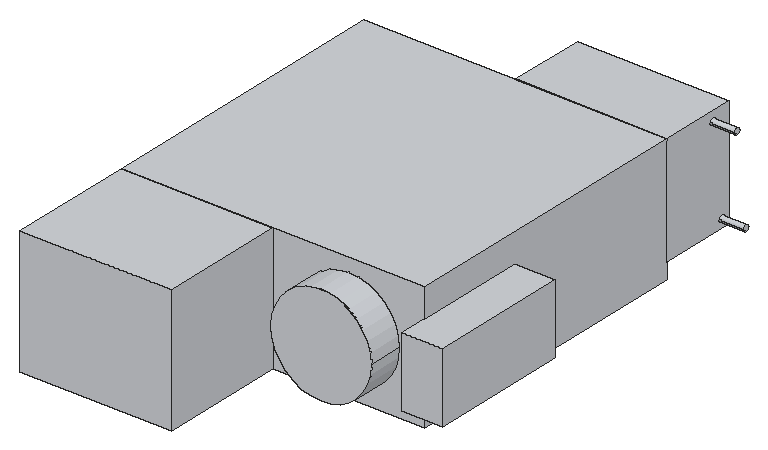
Revit family "ESTW", category Mechanical Equipment, Revit 2018 (continued)
Types (193): name | Q5Q | Q5B | Q5A | Inlet for RH | Inlet for LH | Induction for RH | Induction for LH | HWC for RH | HWC for LH | HWC Depth "Z" | HWC Conn | Enclosure for RH | Enclosure for LH | Elbow for RH | Elbow for LH | Discharge Width "X" | Width | Radius | Length | Induction Width "C" | Height | Duct Inlet Radius | Diameter | Connector Top RH | Connector Top LH | Connector Bottom RH | Connector Bottom LH
  ESTW 3/4-hp - 14R 1ROW COIL WITH S/ELBOW | 20" | 24" | 20" | yes | no | yes | no | yes | no | 12 1/4" | 7/16" | yes | no | yes | no | 24" | 48" | 6 15/16" | 48" | 21" | 20" | 6 31/32" | 13 7/8" | yes | no | yes | no
  ESTW 3/4-hp - 14L 1ROW COIL WITH S/ELBOW | 20" | 24" | 20" | no | yes | no | yes | no | yes | 12 1/4" | 7/16" | no | yes | no | yes | 24" | 48" | 6 15/16" | 48" | 21" | 20" | 6 31/32" | 13 7/8" | no | yes | no | yes
  ESTW 3/4-hp - 14L 2ROW COIL W/O S/ELBOW | 20" | 24" | 20" | no | yes | no | yes | no | yes | 13 1/2" | 7/16" | no | yes | no | no | 24" | 48" | 6 15/16" | 48" | 21" | 20" | 6 31/32" | 13 7/8" | no | yes | no | yes
  ESTW 3/4-hp - 14R 2ROW COIL W/O S/ELBOW | 20" | 24" | 20" | yes | no | yes | no | yes | no | 13 1/2" | 7/16" | yes | no | no | no | 24" | 48" | 6 15/16" | 48" | 21" | 20" | 6 31/32" | 13 7/8" | yes | no | yes | no
  ESTW 3/4-hp - 14R 2ROW COIL WITH S/ELBOW | 20" | 24" | 20" | yes | no | yes | no | yes | no | 13 1/2" | 7/16" | yes | no | yes | no | 24" | 48" | 6 15/16" | 48" | 21" | 20" | 6 31/32" | 13 7/8" | yes | no | yes | no
  ESTW 3/4-hp - 14L 2ROW COIL WITH S/ELBOW | 20" | 24" | 20" | no | yes | no | yes | no | yes | 13 1/2" | 7/16" | no | yes | no | yes | 24" | 48" | 6 15/16" | 48" | 21" | 20" | 6 31/32" | 13 7/8" | no | yes | no | yes
  ESTW 3/4-hp - 16L 1ROW COIL W/O S/ELBOW | 20" | 24" | 20" | no | yes | no | yes | no | yes | 12 1/4" | 7/16" | no | yes | no | no | 24" | 48" | 7 15/16" | 48" | 21" | 20" | 7 31/32" | 15 7/8" | no | yes | no | yes
  ESTW 3/4-hp - 16R 1ROW COIL W/O S/ELBOW | 20" | 24" | 20" | yes | no | yes | yes | yes | no | 12 1/4" | 7/16" | yes | no | no | no | 24" | 48" | 7 15/16" | 48" | 21" | 20" | 7 31/32" | 15 7/8" | yes | no | yes | no
  ESTW 3/4-hp - 16R 1ROW COIL WITH S/ELBOW | 20" | 24" | 20" | yes | no | yes | yes | yes | no | 12 1/4" | 7/16" | yes | no | yes | no | 24" | 48" | 7 15/16" | 48" | 21" | 20" | 7 31/32" | 15 7/8" | yes | no | yes | no
  ESTW 3/4-hp - 16L 1ROW COIL WITH S/ELBOW | 20" | 24" | 20" | no | yes | no | yes | no | yes | 12 1/4" | 7/16" | no | yes | no | yes | 24" | 48" | 7 15/16" | 48" | 21" | 20" | 7 31/32" | 15 7/8" | no | yes | no | yes
  ESTW 3/4-hp - 16L 2ROW COIL W/O S/ELBOW | 20" | 24" | 20" | no | yes | no | yes | no | yes | 13 1/2" | 7/16" | no | yes | no | no | 24" | 48" | 7 15/16" | 48" | 21" | 20" | 7 31/32" | 15 7/8" | no | yes | no | yes
  ESTW 3/4-hp - 16R 2ROW COIL W/O S/ELBOW | 20" | 24" | 20" | yes | no | yes | no | yes | no | 13 1/2" | 7/16" | yes | no | no | no | 24" | 48" | 7 15/16" | 48" | 21" | 20" | 7 31/32" | 15 7/8" | yes | no | yes | no
  ESTW 3/4-hp - 16R 2ROW COIL WITH S/ELBOW | 20" | 24" | 20" | yes | no | yes | no | yes | no | 13 1/2" | 7/16" | yes | no | yes | no | 24" | 48" | 7 15/16" | 48" | 21" | 20" | 7 31/32" | 15 7/8" | yes | no | yes | no
  ESTW 3/4-hp - 16L 2ROW COIL WITH S/ELBOW | 20" | 24" | 20" | no | yes | no | yes | no | yes | 13 1/2" | 7/16" | no | yes | no | yes | 24" | 48" | 7 15/16" | 48" | 21" | 20" | 7 31/32" | 15 7/8" | no | yes | no | yes
  ESTW 1/3-hp - 07L 1ROW COIL W/O S/ELBOW | 18" | 18" | 18" | no | yes | no | yes | no | yes | 12 1/4" | 7/8" | no | yes | no | no | 20" | 32" | 3 7/16" | 36" | 12" | 18" | 3 15/32" | 6 7/8" | no | yes | no | yes
  ESTW 1/3-hp - 07R 1ROW COIL W/O S/ELBOW | 18" | 18" | 18" | yes | no | yes | no | yes | no | 12 1/4" | 7/8" | yes | no | no | no | 20" | 32" | 3 7/16" | 36" | 12" | 18" | 3 15/32" | 6 7/8" | yes | no | yes | no
  ESTW 1/3-hp - 07R 1ROW COIL WITH S/ELBOW | 18" | 18" | 18" | yes | no | yes | no | yes | no | 12 1/4" | 7/8" | yes | no | yes | no | 20" | 32" | 3 7/16" | 36" | 12" | 18" | 3 15/32" | 6 7/8" | yes | no | yes | no
  ESTW 1/3-hp - 07L 1ROW COIL WITH S/ELBOW | 18" | 18" | 18" | no | yes | no | yes | no | yes | 12 1/4" | 7/8" | no | yes | no | yes | 20" | 32" | 3 7/16" | 36" | 12" | 18" | 3 15/32" | 6 7/8" | no | yes | no | yes
  ESTW 1/3-hp - 07L 2ROW COIL WITH S/ELBOW | 18" | 18" | 18" | no | yes | no | yes | no | yes | 13 1/2" | 7/8" | no | yes | no | yes | 20" | 32" | 3 7/16" | 36" | 12" | 18" | 3 15/32" | 6 7/8" | no | yes | no | yes
  ESTW 1/3-hp - 07R 2ROW COIL WITH S/ELBOW | 18" | 18" | 18" | yes | no | yes | no | yes | no | 13 1/2" | 7/8" | yes | no | yes | no | 20" | 32" | 3 7/16" | 36" | 12" | 18" | 3 15/32" | 6 7/8" | yes | no | yes | no
  ESTW 1/3-hp - 07R 2ROW COIL W/O S/ELBOW | 18" | 18" | 18" | yes | no | yes | no | yes | no | 13 1/2" | 7/8" | yes | no | no | no | 20" | 32" | 3 7/16" | 36" | 12" | 18" | 3 15/32" | 6 7/8" | yes | no | yes | no
  ESTW 1/3-hp - 07L 2ROW COIL W/O S/ELBOW | 18" | 18" | 18" | no | yes | no | yes | no | yes | 13 1/2" | 7/8" | no | yes | no | no | 20" | 32" | 3 7/16" | 36" | 12" | 18" | 3 15/32" | 6 7/8" | no | yes | no | yes
  ESTW 1/3-hp - 06L 1ROW COIL W/O S/ELBOW | 18" | 18" | 18" | no | yes | no | yes | no | yes | 12 1/4" | 7/8" | no | yes | no | no | 20" | 32" | 2 15/16" | 36" | 12" | 18" | 2 31/32" | 5 7/8" | no | yes | no | yes
  ESTW 1/3-hp - 06R 1ROW COIL W/O S/ELBOW | 18" | 18" | 18" | yes | no | yes | no | yes | no | 12 1/4" | 7/8" | yes | no | no | no | 20" | 32" | 2 15/16" | 36" | 12" | 18" | 2 31/32" | 5 7/8" | yes | no | yes | no
  ESTW 1/3-hp - 06R 1ROW COIL WITH S/ELBOW | 18" | 18" | 18" | yes | no | yes | no | yes | no | 12 1/4" | 7/8" | yes | no | yes | no | 20" | 32" | 2 15/16" | 36" | 12" | 18" | 2 31/32" | 5 7/8" | yes | no | yes | no
  ESTW 1/3-hp - 06L 1ROW COIL WITH S/ELBOW | 18" | 18" | 18" | no | yes | no | yes | no | yes | 12 1/4" | 7/8" | no | yes | no | yes | 20" | 32" | 2 15/16" | 36" | 12" | 18" | 2 31/32" | 5 7/8" | no | yes | no | yes
  ESTW 1/3-hp - 06L 2ROW COIL W/O S/ELBOW | 18" | 18" | 18" | no | yes | no | yes | no | yes | 13 1/2" | 7/8" | no | yes | no | no | 20" | 32" | 2 15/16" | 36" | 12" | 18" | 2 31/32" | 5 7/8" | no | yes | no | yes
  ESTW 1/3-hp - 06R 2ROW COIL W/O S/ELBOW | 18" | 18" | 18" | yes | no | yes | no | yes | no | 13 1/2" | 7/8" | yes | no | no | no | 20" | 32" | 2 15/16" | 36" | 12" | 18" | 2 31/32" | 5 7/8" | yes | no | yes | no
  ESTW 1/3-hp - 06R 2ROW COIL WITH S/ELBOW | 18" | 18" | 18" | yes | no | yes | no | yes | no | 13 1/2" | 7/8" | yes | no | yes | no | 20" | 32" | 2 15/16" | 36" | 12" | 18" | 2 31/32" | 5 7/8" | yes | no | yes | no
  ESTW 1/3-hp - 06L 2ROW COIL WITH S/ELBOW | 18" | 18" | 18" | no | yes | no | yes | no | yes | 13 1/2" | 7/8" | no | yes | no | yes | 20" | 32" | 2 15/16" | 36" | 12" | 18" | 2 31/32" | 5 7/8" | no | yes | no | yes
